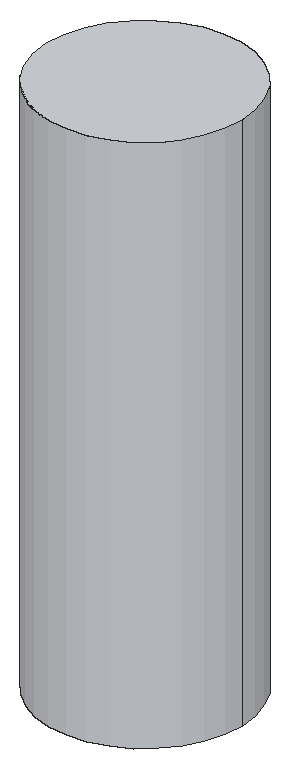
Revit family "HDR_General_PileChecker25", category Generic Models, Revit 2025
Family settings
  Can host rebar = No
  Round Connector Dimension = Use Diameter
  Part Type = Normal
  Work Plane-Based = No
  Always vertical = Yes
  Cut with Voids When Loaded = No
  Maintain Annotation Orientation = No
  Shared = No
  Room Calculation Point = No
Parameters (values of type "HDR_General_PileChecker")
  URL = "www.hdrinc.com"
  SuitabilityDescription [instance] = ""
  SuitabilityCode [instance] = ""
  Structural_Material_SubGrade [instance] = ""
  Structural_Material_StrengthGrade [instance] = ""
  Pile_Size [instance] = 600 mm
  Pile_Length [instance] = 5000 mm
  PileSizeCheck [instance] = Pile_Size * 1.5  # 900 mm
  Negative_Function [instance] = Pile_Length * -1  # -5000 mm
  NRM1_Description = ""
  NRM1_Code = ""
  LOI [instance] = 0
  LOD [instance] = 0
  HDR_Element_TypeRefDescription = ""
  HDR_Element_TypeRef = ""
  HDR_Element_InstanceRefDescription [instance] = ""
  HDR_Element_InstanceRef [instance] = ""
  EngineersComments [instance] = ""
  Default Elevation = 0 mm
  Coordinates_Survey_Z [instance] = ""
  Coordinates_Survey_Y [instance] = ""
  Coordinates_Survey_X [instance] = ""
  Classification.Uniclass.Ss.Number = ""
  Classification.Uniclass.Ss.Description = ""
  Classification.Uniclass.Pr.Number = ""
  Classification.Uniclass.Pr.Description = ""
  Classification.Uniclass.EF.Number = ""
  Classification.Uniclass.EF.Description = ""
Reference planes
  plane 1 "Center (Front/Back)": y = 0
  plane 2: z = 0
  plane 3 "Center (Left/Right)": x = 0
  plane 4: x = 0
  plane 5: y = 0
Forms (mm)
  Extrusion 1, solid
    sketch origin (0, 0, 0) x (1, 0, 0) y (0, 1, 0)
      loop
        circle (0, -3.5) r 900
    from 0 to -5000 <- "Negative_Function"
Dimensions and locks
  "PileSizeCheck": radius of Extrusion 1 sketch curve
  aligned and locked: level to plane 2
  aligned and locked: plane 3 "Center (Left/Right)" to nested 1
  aligned and locked: plane 1 "Center (Front/Back)" to nested 1
Automatic sketch dimensions
  Extrusion 1 sketch curve to plane 3 "Center (Left/Right)" = 0 mm
  plane 1 "Center (Front/Back)" to Extrusion 1 sketch curve = 3.5 mm
Nested families
  nested 1: "HDR_Annotation_SOP" at (0, 0, 0), type "Setting Out Point"
Definition of nested family "HDR_Annotation_SOP"
  Parameters (values of type "Setting Out Point")
    Top Right [instance] = yes
    Top Left [instance] = no
    Note [instance] = ""
    Bottom Right [instance] = no
    Bottom Left [instance] = no
  Reference planes
    plane 1: y = 0
    plane 2: x = 0
  Lines and regions (mm)
    Filled region 1, type "ACM_Hatch_General-Solid Black (O)"
      outline origin (0, 0, 0) x (1, 0, 0) y (0, 1, 0)
        loop
          line (0, 0) -> (-2.5, 0)
          arc (-2.5, 0) -> (-1.768, -1.768) -> (0, -2.5) r 2.5
          line (0, -2.5) -> (0, 0)
    Filled region 2, type "ACM_Hatch_General-Solid Black (O)"
      outline origin (0, 0, 0) x (-1, 0, 0) y (0, -1, 0)
        loop
          line (0, 0) -> (-2.5, 0)
          arc (-2.5, 0) -> (-1.768, -1.768) -> (0, -2.5) r 2.5
          line (0, -2.5) -> (0, 0)
    detail lines
      curve 1: arc (0, 2.5, 0) -> (1.768, 1.768, 0) -> (2.5, 0, 0) r 2.5
      curve 2: arc (0, -2.5, 0) -> (-1.768, -1.768, 0) -> (-2.5, 0, 0) r 2.5
      curve 3: line (0, 0, 0) -> (-3.5, 0, 0)
      curve 4: line (0, 0, 0) -> (0, -3.5, 0)
      curve 5: line (0, 0, 0) -> (0, 3.544, 0)
      curve 6: line (0, 0, 0) -> (3.5, 0, 0)
      curve 7: arc (0, 2.5, 0) -> (-1.768, 1.768, 0) -> (-2.5, 0, 0) r 2.5
      curve 8: arc (0, -2.5, 0) -> (1.768, -1.768, 0) -> (2.5, 0, 0) r 2.5
  Text (mm)
    label "'SOP'" at (2.872, 3.476, 0), shows "Note", visible <- "Top Right"
    label "'SOP'" at (21.972, -3.824, 0), shows "Note", visible <- "Bottom Right"
    label "'SOP'" at (-2.872, 3.476, 0), shows "Note", visible <- "Top Left"
    label "'SOP'" at (-21.972, -3.824, 0), shows "Note", visible <- "Bottom Left"
